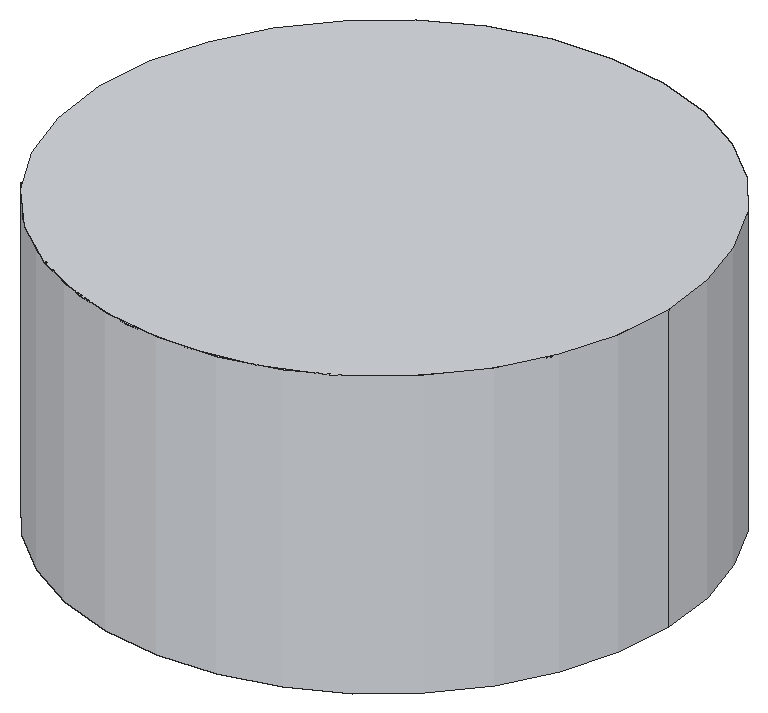
Revit family "10301600", category Specialty Equipment, Revit 2020
Family settings
  Round Connector Dimension = Use Diameter
  Part Type = Normal
  OmniClass Number = 23.40.40.14
  OmniClass Title = Food Service Equipment
  Work Plane-Based = No
  Always vertical = Yes
  Cut with Voids When Loaded = No
  Shared = No
  Room Calculation Point = No
Parameters (values of type "Standard")
  Width = 650 mm
  URL = "https://www.rustfriebergh.no/produkter/serveringsdisker/serveringsdisk-rbp/"
  Model = "10301600"
  Mass = 204.00 kg
  Manufacturer = "RUSTFRIE BERGH AS"
  Length = 1602 mm
  Height = 1550 mm
  Description = "Serveringsdisk RBP-1600"
  Default Elevation = 0 mm
Reference planes
  plane 1 "Center (Front/Back)": y = 0
  plane 2: z = 0
  plane 3 "Center (Left/Right)": x = 0
Forms (mm)
  Extrusion 1, solid
    sketch origin (536.286, 223.893, 192.5) x (1, 0, 0) y (0, 1, 0)
      loop
        circle (0, 0) r 3.048
    from 0 to -3.048
Dimensions and locks
  aligned and locked: level to plane 2
Connectors
  electrical at (536.286, 223.893, 192.5)
    settings: on Extrusion 1, index 1, voltage 230 V, apparent load 850 VA, apparent load phase1 0 VA, apparent load phase2 0 VA, apparent load phase3 0 VA, power factor 0, load classification "Other", number of poles 1, system type 30, power factor state 1, is connector primary yes, connector utility no, sub classification motor no, connector description "230V 50/60HZ 3,69A"
